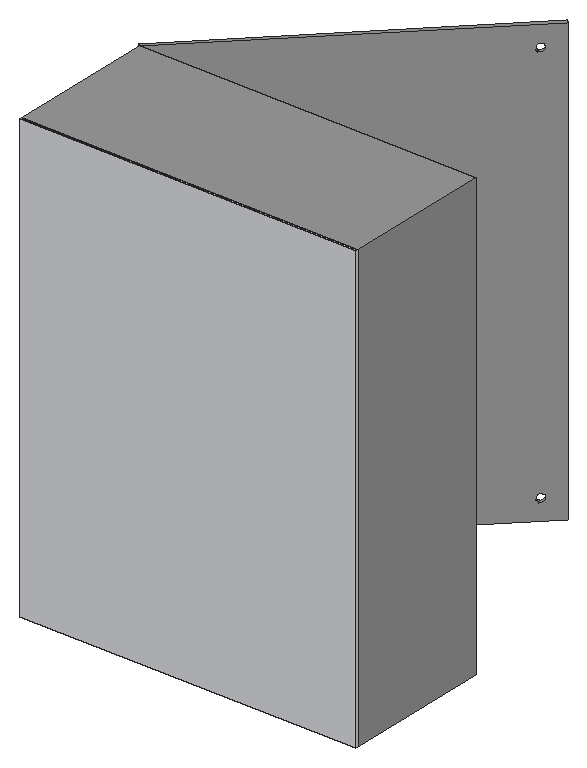
Revit family "Building-ContenitoriParete-GEWISS-46QP-QUADRI-POLIESTERE_PORTA_CIECA_IP66", category Attrezzatura elettrica, host Muro, Revit 2016
Family settings
  Host = Muro
  Configurazione quadro = Due colonne, circuiti in orizzontale
  Tipo di parte = Pannello comandi
  Quota connettore circolare = Usa diametro
  Numero OmniClass = 23.80.30.11.17
  Titolo OmniClass = Distribution Boards and Control Panels
  Sempre verticale = Sì
  Taglio con vuoti quando caricato = No
  Condiviso = No
  Punto di calcolo locali = Sì
Parameters (values of type "GW46007F - QUADRO QP POLIES.CIECO 800X1060X350 IP66")
  Voltaggio = no
  Voltage = 0 V
  Vista di pianta [instance] = yes
  Versione file RFA = "18.0"
  URL = "https://www.gewiss.com/it/it"
  Tipologia porta = "Porta cieca"
  Tipo Materiale = "Halogen free secondo norma EN 60754-2"
  Termopressione con biglia = "200 °C"
  Tensione nominale massima di impiego (Ue) = "690V"
  Tensione nominale di isolamento (Ui) = "1000 V"
  Tensione di isolamento: = "1000 V secondo EN 62208 sia in ac che in dc"
  Tensione di isolamento = "1000V"
  Temperatura di impiego = "-25 +60 °C"
  Struttura quadro = GEWISS - GRIGIO RAL 7035
  Staffe per fissaggio a parete = "GW46446-GW46451"
  Sportello visibile [instance] = yes
  Spessore quadro = 350 mm
  Simbolo [instance] = yes
  Scheda Tecnica = "https://www.gewiss.com/it/it/search?q=GW46007F"
  SEO = "Quadro"
  Resistenza agli urti = "IK10"
  Produttore = "GEWISS S.p.A."
  Potenza dissipabile B (W) = "226"
  Potenza dissipabile A (W) = "324"
  Potenza dissipabile (W) = "226"
  Pannelo = GEWISS - GRIGIO RAL 7035
  Offset etichetta nome quadro [instance] = 685.076 mm
  Numero di poli = 1
  Normativa = "EN 61439-1, EN 61439-2, EN62208, EN 60670-1, IEC 60670-24"
  N. serrature = "2"
  N. mod. EN 50022: = "180 (36x5)"
  N. mod. EN 50022 = "180 (36x5)"
  Modello = "GW46007F"
  Materiale = "Poliestere rinforzato con fibra di vetro"
  Larghezza quadro = 800 mm
  Kit per ripristino doppio isolamento = "GW46526"
  Immagine tipo = 46QP.JPG
  IFC.TypeObject = ""
  IFC.ExportType = ""
  IFC.ExportAs = ""
  IDT = "53d9a337-54a6-474b-b4cf-c18729555086"
  IDF = "33674a1b-6291-4de3-9bb4-21962e8131fa"
  H_quadro = 1060 mm
  H_da terra = 500 mm
  Grado di protezione = "IP66"
  Glow Wire Test = "960°C"
  GW - NOME QUADRO [instance] = "NOME QUADRO"
  GEWISS SCHEDA TECNICA = "http://pro.gewiss.com/irj/portal/?NavigationTarget=pcd:portal_content/com.gewiss.ZPPFDMain/com.gewiss.ZPPFDITMain/com.gewiss.ZPPFDITMainDefault/com.gewiss.ZPPFDITPages/com.gewiss.ZPPFDITPagesAP/com.gewiss.ZPPFDITPagesAPCatalogo/com.gewiss.ZPPPDITAPProductDetail&codProd=GW46007"
  Fast & Easy = "Si"
  Famiglia = "46 QP"
  Etichetta nome quadro [instance] = yes
  Distanza_fori = 100 mm
  Distanza orizzontale del simbolo [instance] = 1033.355 mm
  Distanza dal muro [instance] = 4.208 mm
  Dim. nominali BxHxP (mm) = "800x1060x350"
  Dim. funzionali BxHxP (mm) = "783x1066x350"
  Descrizione = "QUADRO QP POLIES.CIECO 800X1060X350 IP66"
  DETTAGLIO = DETTAGLIO 46QP : GW46007
  Creato da GEWISS S.p.A. = ""
  Cornice simbolo [instance] = yes
  Colore = "Grigio RAL 7035"
  Codice Electrocod = "0321"
  Codice EAN = "8011564854772"
  Classificazione carico = Other
  Classificazione = no
  Classe isolamento = "II"
  Catalogo Serie = "46 QP"
  Catalogo = "BUILDING"
  Carico apparente = no
  Carico Apparente = 0 VA
  Caratteristiche = "Resistenza UV (EN 62208)"
  COBie.Tagnumber = ""
  COBie.CreatedOn = ""
  COBie.CreatebBy = ""
  COBie.ComponentRegisterItemID = ""
  COBie.Component.TagNumber = ""
  COBie.Component.Space = ""
  COBie.Component.SerialNumber = ""
  COBie.Component.InstallationDate = ""
  COBie.Component.Description = ""
  COBie.Component.BarCode = ""
  Apertura quadro [instance] = 45.00°
  Angolo di apertura reale [instance] = if(Apertura quadro < 0.00°, 0.00°, if(Apertura quadro > 180.00°, 180.00°, Apertura quadro))  # 45.00°
Types (7, lengths in mm): name | Spessore quadro | Scheda Tecnica | Potenza dissipabile B (W) | Potenza dissipabile A (W) | Potenza dissipabile (W) | N. serrature | N. mod. EN 50022: | N. mod. EN 50022 | Modello | Larghezza quadro | IDT | H_quadro | GEWISS SCHEDA TECNICA | Dim. nominali BxHxP (mm) | Dim. funzionali BxHxP (mm) | Descrizione | DETTAGLIO | Codice EAN
  GW46001F - QUADRO QP POLIEST.CIECO 250x300X160 IP66 | 160 | "https://www.gewiss.com/it/it/search?q=GW46001F" | "-" | "34" | "" | "1" | "" | "" | "GW46001F" | 250 | "eb59cd50-d71f-4746-9baa-c5843203e264" | 300 | "http://pro.gewiss.com/irj/portal/?NavigationTarget=pcd:portal_content/com.gewiss.ZPPFDMain/com.gewiss.ZPPFDITMain/com.gewiss.ZPPFDITMainDefault/com.gewiss.ZPPFDITPages/com.gewiss.ZPPFDITPagesAP/com.gewiss.ZPPFDITPagesAPCatalogo/com.gewiss.ZPPPDITAPProductDetail&codProd=GW46001" | "250x300x160" | "253x303x160" | "QUADRO QP POLIEST.CIECO 250x300X160 IP66" | DETTAGLIO 46QP : GW46001 | "8011564854703"
  GW46002F - QUADRO QP POLIEST.CIECO 310X425X160 IP66 | 160 | "https://www.gewiss.com/it/it/search?q=GW46002F" | "39" | "48" | "39" | "2" | "36 (12x3)" | "36 (12x3)" | "GW46002F" | 310 | "9e9cc92d-30f1-48a9-966d-f3f66714c4aa" | 425 | "http://pro.gewiss.com/irj/portal/?NavigationTarget=pcd:portal_content/com.gewiss.ZPPFDMain/com.gewiss.ZPPFDITMain/com.gewiss.ZPPFDITMainDefault/com.gewiss.ZPPFDITPages/com.gewiss.ZPPFDITPagesAP/com.gewiss.ZPPFDITPagesAPCatalogo/com.gewiss.ZPPPDITAPProductDetail&codProd=GW46002" | "310x425x160" | "316x427x160" | "QUADRO QP POLIEST.CIECO 310X425X160 IP66" | DETTAGLIO 46QP : GW46002 | "8011564854710"
  GW46003F - QUADRO QP POLIEST.CIECO 405X500X200 IP66 | 200 | "https://www.gewiss.com/it/it/search?q=GW46003F" | "53" | "95" | "53" | "2" | "54 (18x3)" | "54 (18x3)" | "GW46003F" | 405 | "b3cd34d0-962c-4a1a-aad7-a35a8b9cae2b" | 500 | "http://pro.gewiss.com/irj/portal/?NavigationTarget=pcd:portal_content/com.gewiss.ZPPFDMain/com.gewiss.ZPPFDITMain/com.gewiss.ZPPFDITMainDefault/com.gewiss.ZPPFDITPages/com.gewiss.ZPPFDITPagesAP/com.gewiss.ZPPFDITPagesAPCatalogo/com.gewiss.ZPPPDITAPProductDetail&codProd=GW46003" | "405x500x200" | "409,5x502,5x200" | "QUADRO QP POLIEST.CIECO 405X500X200 IP66" | DETTAGLIO 46QP : GW46003 | "8011564854734"
  GW46004F - QUADRO QP POLIEST.CIECO 405X650X200 IP66 | 200 | "https://www.gewiss.com/it/it/search?q=GW46004F" | "81" | "118" | "81" | "2" | "72 (18x4)" | "72 (18x4)" | "GW46004F" | 405 | "dce305b6-c0eb-4fd2-9219-78cd0d47b93a" | 650 | "http://pro.gewiss.com/irj/portal/?NavigationTarget=pcd:portal_content/com.gewiss.ZPPFDMain/com.gewiss.ZPPFDITMain/com.gewiss.ZPPFDITMainDefault/com.gewiss.ZPPFDITPages/com.gewiss.ZPPFDITPagesAP/com.gewiss.ZPPFDITPagesAPCatalogo/com.gewiss.ZPPPDITAPProductDetail&codProd=GW46004" | "405x650x200" | "409,5x652,5x200" | "QUADRO QP POLIEST.CIECO 405X650X200 IP66" | DETTAGLIO 46QP : GW46004 | "8011564854741"
  GW46005F - QUADRO QP POLIEST.CIECO 515X650X250 IP66 | 250 | "https://www.gewiss.com/it/it/search?q=GW46005F" | "106" | "126" | "106" | "2" | "96 (24x4)" | "96 (24x4)" | "GW46005F" | 515 | "5fd6c8b3-4e4d-41cf-b8c8-687b2fb69738" | 650 | "http://pro.gewiss.com/irj/portal/?NavigationTarget=pcd:portal_content/com.gewiss.ZPPFDMain/com.gewiss.ZPPFDITMain/com.gewiss.ZPPFDITMainDefault/com.gewiss.ZPPFDITPages/com.gewiss.ZPPFDITPagesAP/com.gewiss.ZPPFDITPagesAPCatalogo/com.gewiss.ZPPPDITAPProductDetail&codProd=GW46005" | "515x650x250" | "518,5x653,5x250" | "QUADRO QP POLIEST.CIECO 515X650X250 IP66" | DETTAGLIO 46QP : GW46005 | "8011564854758"
  GW46007F - QUADRO QP POLIES.CIECO 800X1060X350 IP66 | 350 | "https://www.gewiss.com/it/it/search?q=GW46007F" | "226" | "324" | "226" | "2" | "180 (36x5)" | "180 (36x5)" | "GW46007F" | 800 | "53d9a337-54a6-474b-b4cf-c18729555086" | 1060 | "http://pro.gewiss.com/irj/portal/?NavigationTarget=pcd:portal_content/com.gewiss.ZPPFDMain/com.gewiss.ZPPFDITMain/com.gewiss.ZPPFDITMainDefault/com.gewiss.ZPPFDITPages/com.gewiss.ZPPFDITPagesAP/com.gewiss.ZPPFDITPagesAPCatalogo/com.gewiss.ZPPPDITAPProductDetail&codProd=GW46007" | "800x1060x350" | "783x1066x350" | "QUADRO QP POLIES.CIECO 800X1060X350 IP66" | DETTAGLIO 46QP : GW46007 | "8011564854772"
  GW46006F - QUADRO QP POLIEST.CIECO 585X800X300 IP66 | 300 | "https://www.gewiss.com/it/it/search?q=GW46006F" | "146" | "205" | "146" | "2" | "140 (28x5)" | "140 (28x5)" | "GW46006F" | 585 | "73654bea-6736-4a80-be35-ab20d2498804" | 800 | "http://pro.gewiss.com/irj/portal/?NavigationTarget=pcd:portal_content/com.gewiss.ZPPFDMain/com.gewiss.ZPPFDITMain/com.gewiss.ZPPFDITMainDefault/com.gewiss.ZPPFDITPages/com.gewiss.ZPPFDITPagesAP/com.gewiss.ZPPFDITPagesAPCatalogo/com.gewiss.ZPPPDITAPProductDetail&codProd=GW46006" | "585x800x300" | "591x804x300" | "QUADRO QP POLIEST.CIECO 585X800X300 IP66" | DETTAGLIO 46QP : GW46006 | "8011564854765"
Reference planes
  plane 1 "Muro": y = 0
  plane 2 "Centro (Sinistra/Destra)": x = 125
  plane 3 "Indietro": y = 75
  plane 4 "SX": x = 0
  plane 5 "DX": x = 800
  plane 6: y = 431
  plane 7 "Base quadro": z = 500
  plane 8: z = 1560
  plane 9: y = 81
  plane 10: x = 75
  plane 11: x = 725
  plane 12: z = 1510
  plane 13: z = 550
  plane 14: z = 1030
  plane 15: x = -1033.355
  plane 16: y = 760.076
  plane 17: x = 400
Forms (mm)
  Extrusion 1, solid, material "GEWISS - GRIGIO RAL 7035" <- "Struttura quadro"
    sketch origin (0, 0, 0) x (1, 0, 0) y (0, 0, 1)
      loop
        line (800, 1560) -> (0, 1560) -> (0, 500) -> (800, 500) -> (800, 1560)
      loop
        line (796, 1556) -> (4, 1556) -> (4, 504) -> (796, 504) -> (796, 1556)
    from -431 to -81
  Extrusion 2, solid
    sketch origin (0, 0, 0) x (1, 0, 0) y (0, 0, 1)
      loop
        line (800, 1560) -> (0, 1560) -> (0, 500) -> (800, 500) -> (800, 1560)
    from -81 to -75
Lines and regions (mm)
  Masking region 1, visible <- "Vista di pianta"
    outline origin (0, 431, 0) x (0.707107, 0.707107, 0) y (-0.707107, 0.707107, 0)
      loop
        line (313.955, -817.415) -> (565.685, -565.685) -> (0, 0) -> (-251.73, -251.73) -> (313.955, -817.415)
  Masking region 2
    outline origin (125, 0, 0) x (0, 1, 0) y (0, 0, 1)
      loop
        line (75, 500) -> (431, 500) -> (431, 1560) -> (75, 1560) -> (75, 500)
  reference lines
    curve 1: line (0, 431, 0) -> (282.843, 713.843, 0)
Text (mm)
  text "Lato posizionamento" at (-2540.362, 1733.729, 0), in view "Livello rif."
  text "Lato posizionamento" at (0, 1409.804, 2854.306), in view "Sinistra"
  text "Lato posizionamento" at (0, 499.811, 2980.732), in view "Destra"
Dimensions and locks
  locked: plane 3 "Indietro" to host wall
  "H_da terra": level to plane 7 "Base quadro"
  "H_quadro": plane 7 "Base quadro" to plane 8
  locked: Extrusion 1 sketch curve to Extrusion 1 sketch curve at 4  (x4)
  locked: plane 9 to host wall at 6
  "Spessore quadro": plane 6 to plane 9
  locked: plane 12 to plane 8 at 50
  locked: plane 7 "Base quadro" to plane 13 at 50
  equal spacing: plane 7 "Base quadro", plane 14, plane 8
  "Larghezza quadro": plane 4 "SX" to plane 5 "DX"
  locked: plane 5 "DX" to plane 11 at 75
  locked: plane 10 to plane 4 "SX" at 75
  "Distanza orizzontale del simbolo": plane 15 to plane 4 "SX"
  "Offset etichetta nome quadro": plane 16 to plane 3 "Indietro"
  "Apertura quadro": angle plane 6 to curve 1
  aligned and locked: plane 1 "Muro" to host wall
  aligned and locked: plane 8 to Extrusion 1 sketch curve
  aligned and locked: plane 5 "DX" to Extrusion 1 sketch curve
  aligned and locked: Extrusion 1 sketch curve to plane 7 "Base quadro"
  aligned and locked: Extrusion 1 sketch curve to plane 4 "SX"
  aligned and locked: plane 6 to Extrusion 1
  aligned and locked: Extrusion 1 to plane 9
  aligned and locked: plane 4 "SX" to Extrusion 2 sketch curve
  aligned and locked: plane 7 "Base quadro" to Extrusion 2 sketch curve
  aligned and locked: Extrusion 2 sketch curve to plane 5 "DX"
  aligned and locked: Extrusion 2 sketch curve to plane 8
  aligned and locked: plane 9 to Extrusion 2
  aligned and locked: Extrusion 2 to host wall
  aligned and locked: plane 6 to curve 1
  aligned and locked: plane 14 to nested 2
  aligned and locked: nested 2 to plane 5 "DX"
  aligned and locked: nested 3 to plane 16
  aligned and locked: nested 3 to plane 17
  aligned and locked: plane 15 to nested 4
  aligned and locked: Masking region 1 sketch curve to plane 6
  aligned and locked: Masking region 1 sketch curve to plane 3 "Indietro"
  aligned and locked: Masking region 1 sketch curve to plane 5 "DX"
  aligned and locked: plane 4 "SX" to Masking region 1 sketch curve
  aligned and locked: Masking region 2 sketch curve to Extrusion 2  (x2)
  aligned and locked: Masking region 2 sketch curve to Extrusion 1  (x2)
Automatic sketch dimensions
  curve 1 to plane 4 "SX" = 0 mm
Nested families
  nested 1: "GEWISS - Pannello cieco" at (88.388, 519.388, 0) x (0.7071, 0.7071, 0) z (0, 0, 1), visible <- "Sportello visibile", type "GEWISS - Pannello cieco"
    with Larghezza pannello 800 mm, H_pannello 1060 mm, H_da terra 500 mm
  nested 2: "DETTAGLIO 46QP" at (800, 0, 1030) x (-1, 0, 0) z (0, -1, 0), type <- "DETTAGLIO", type "GW46007"
  nested 3: "NOME QUADRO" at (400, 760.076, 0), TXT <- "GW - NOME QUADRO", visible <- "Etichetta nome quadro", type "NOME QUADRO"
    with TXT "NOME QUADRO"
  nested 4: "QUADRILAN" at (-1033.355, 75, 0), Distanza dal muro <- "Distanza dal muro", BORDO ACCESO <- "Cornice simbolo", SIMBOLO ACCESO <- "Simbolo", type "QUADRILAN"
    with SIMBOLO ACCESO yes, Distanza dal muro 4.208 mm, BORDO ACCESO yes
Connectors
  electrical at (400, 256, 1560), driven by "Numero di poli", driven by "Classificazione carico", driven by "Voltage", driven by "Carico Apparente"
    settings: on Extrusion 1, index 2, voltage 0 V, apparent load 0 VA, apparent load phase1 0 VA, apparent load phase2 0 VA, apparent load phase3 0 VA, power factor 1, load classification "Other", number of poles 1, system type 31, power factor state 1, is connector primary yes, connector utility no, sub classification motor no, connector description ""
  electrical at (400, 256, 1560)
    settings: on Extrusion 1, index 3, voltage 0 V, apparent load 0 VA, apparent load phase1 0 VA, apparent load phase2 0 VA, apparent load phase3 0 VA, power factor 1, load classification "Altro", number of poles 1, system type 31, power factor state 1, is connector primary no, connector utility no, sub classification motor no, connector description ""
Definition of nested family "GEWISS - Pannello cieco"
  Parameters (values of type "GEWISS - Pannello cieco")
    Default Elevation = 1219.2 mm
    Pannello = none
    Larghezza pannello = 250 mm
    H_pannello = 300 mm
    H_da terra = 90 mm
  Reference planes
    plane 1 "Centro (Fronte/Retro)": y = 0
    plane 2: z = 0
    plane 3 "Centro (Sinistra/Destra)": x = 0
    plane 4: x = -125
    plane 5: x = 125
    plane 6: y = 8
    plane 7: z = 390
    plane 8: z = 340
    plane 9: z = 140
    plane 10: x = 75
    plane 11: z = 90
  Forms (mm)
    Extrusion 1, solid, material <- "Pannello"
      sketch origin (0, 0, 0) x (1, 0, 0) y (0, 1, 0)
        loop
          line (-125, 8) -> (-125, 0) -> (125, 0) -> (125, 8) -> (-125, 8)
      from 90 to 390
    Extrusion 2, void
      sketch origin (0, 0, 0) x (1, 0, 0) y (0, 0, 1)
        loop
          circle (75, 340) r 10
        loop
          circle (75, 140) r 10
      from -8 to 0
  Cuts and joins
    Extrusion 2 cuts Extrusion 1
  Dimensions and locks
    locked: plane 1 "Centro (Fronte/Retro)" to plane 6 at 8
    locked: plane 7 to plane 8 at 50
    locked: plane 5 to plane 10 at 50
    locked: plane 9 to plane 11 at 50
    "H_pannello": plane 7 to plane 11
    "H_da terra": plane 11 to plane 2
    "Larghezza pannello": plane 4 to plane 5
    aligned and locked: level to plane 2
    aligned and locked: Extrusion 1 sketch curve to plane 6
    aligned and locked: plane 4 to Extrusion 1 sketch curve
    aligned and locked: Extrusion 1 sketch curve to plane 1 "Centro (Fronte/Retro)"
    aligned and locked: Extrusion 1 sketch curve to plane 5
    aligned and locked: plane 7 to Extrusion 1
    aligned and locked: plane 8 to Extrusion 2 sketch curve
    aligned and locked: plane 10 to Extrusion 2 sketch curve  (x2)
    aligned and locked: plane 9 to Extrusion 2 sketch curve
    aligned and locked: plane 6 to Extrusion 2
    aligned and locked: plane 1 "Centro (Fronte/Retro)" to Extrusion 2
    aligned and locked: cut or joined group of Extrusion 1, Extrusion 2 to plane 11
  Automatic sketch dimensions
    radius of Extrusion 2 sketch curve = 10 mm  (x2)
Definition of nested family "DETTAGLIO 46QP"
  Parameters (values of type "GW46006")
    GW46007 = no
    GW46006 = yes
    GW46005 = no
    GW46004 = no
    GW46003 = no
    GW46002 = no
    GW46001 = no
  Types (7, lengths in mm): name | GW46007 | GW46006 | GW46005 | GW46004 | GW46003 | GW46002 | GW46001
    GW46001 | no | no | no | no | no | no | yes
    GW46002 | no | no | no | no | no | yes | no
    GW46003 | no | no | no | no | yes | no | no
    GW46004 | no | no | no | yes | no | no | no
    GW46005 | no | no | yes | no | no | no | no
    GW46006 | no | yes | no | no | no | no | no
    GW46007 | yes | no | no | no | no | no | no
  Reference planes
    plane 1 "Centro (Fronte/Retro)": y = 0
    plane 2: z = 0
    plane 3 "Centro (Sinistra/Destra)": x = 0
  Lines and regions (mm)
    detail lines, in view "Livello rif.", visible <- "GW46003"
      curve 1: line (405, -239.674, 0) -> (0, -239.674, 0)
      curve 2: line (0, -239.674, 0) -> (0, 239.674, 0)
      curve 3: line (0, 239.674, 0) -> (405, 239.674, 0)
      curve 4: line (405, 239.674, 0) -> (405, -239.674, 0)
      curve 5: line (405, 239.674, 0) -> (404.624, 243.242, 0)
      curve 6: line (404.624, 243.242, 0) -> (402.745, 246.717, 0)
      curve 7: line (402.745, 246.717, 0) -> (400.221, 248.791, 0)
      curve 8: line (400.221, 248.791, 0) -> (395.613, 250, 0)
      curve 9: line (395.613, 250, 0) -> (9.387, 250, 0)
      curve 10: line (9.387, 250, 0) -> (5.88, 249.32, 0)
      curve 11: line (5.88, 249.32, 0) -> (2.402, 246.884, 0)
      curve 12: line (2.402, 246.884, 0) -> (0.356, 243.173, 0)
      curve 13: line (0.356, 243.173, 0) -> (0, 239.674, 0)
      curve 14: line (0, -239.674, 0) -> (0.461, -243.518, 0)
      curve 15: line (0.461, -243.518, 0) -> (2.444, -246.931, 0)
      curve 16: line (2.444, -246.931, 0) -> (5.642, -249.221, 0)
      curve 17: line (5.642, -249.221, 0) -> (9.387, -250, 0)
      curve 18: line (9.387, -250, 0) -> (395.613, -250, 0)
      curve 19: line (395.613, -250, 0) -> (399.412, -249.197, 0)
      curve 20: line (399.412, -249.197, 0) -> (402.688, -246.782, 0)
      curve 21: line (402.688, -246.782, 0) -> (404.672, -243.071, 0)
      curve 22: line (404.672, -243.071, 0) -> (405, -239.674, 0)
      curve 45: line (202.5, 350, 0) -> (202.5, -307.203, 0)
      curve 46: line (0, 0, 0) -> (405, 0, 0)
    detail lines, in view "Livello rif.", visible <- "GW46003", not visible
      curve 23: line (1591.528, 478.314, 0) -> (1186.528, 478.314, 0)
      curve 24: line (1186.528, 478.314, 0) -> (1186.528, 957.662, 0)
      curve 25: line (1186.528, 957.662, 0) -> (1591.528, 957.662, 0)
      curve 26: line (1591.528, 957.662, 0) -> (1591.528, 478.314, 0)
      curve 27: line (1591.528, 957.662, 0) -> (1591.152, 961.23, 0)
      curve 28: line (1591.152, 961.23, 0) -> (1589.272, 964.705, 0)
      curve 29: line (1589.272, 964.705, 0) -> (1586.748, 966.78, 0)
      curve 30: line (1586.748, 966.78, 0) -> (1582.14, 967.988, 0)
      curve 31: line (1582.14, 967.988, 0) -> (1195.915, 967.988, 0)
      curve 32: line (1195.915, 967.988, 0) -> (1192.408, 967.309, 0)
      curve 33: line (1192.408, 967.309, 0) -> (1188.929, 964.872, 0)
      curve 34: line (1188.929, 964.872, 0) -> (1186.883, 961.161, 0)
      curve 35: line (1186.883, 961.161, 0) -> (1186.528, 957.662, 0)
      curve 36: line (1186.528, 478.314, 0) -> (1186.988, 474.471, 0)
      curve 37: line (1186.988, 474.471, 0) -> (1188.972, 471.058, 0)
      curve 38: line (1188.972, 471.058, 0) -> (1192.17, 468.768, 0)
      curve 39: line (1192.17, 468.768, 0) -> (1195.915, 467.988, 0)
      curve 40: line (1195.915, 467.988, 0) -> (1582.14, 467.988, 0)
      curve 41: line (1582.14, 467.988, 0) -> (1585.94, 468.792, 0)
      curve 42: line (1585.94, 468.792, 0) -> (1589.216, 471.207, 0)
      curve 43: line (1589.216, 471.207, 0) -> (1591.2, 474.917, 0)
      curve 44: line (1591.2, 474.917, 0) -> (1591.528, 478.314, 0)
      curve 47: line (1389.028, 1067.988, 0) -> (1389.028, 410.786, 0)
      curve 48: line (1186.528, 717.988, 0) -> (1591.528, 717.988, 0)
    detail lines, in view "Livello rif.", visible <- "GW46002"
      curve 49: line (313, -201.674, 0) -> (0, -201.674, 0)
      curve 50: line (0, -201.674, 0) -> (0, 201.674, 0)
      curve 51: line (0, 201.674, 0) -> (313, 201.674, 0)
      curve 52: line (313, 201.674, 0) -> (313, -201.674, 0)
      curve 53: line (313, -201.674, 0) -> (312.445, -205.793, 0)
      curve 54: line (312.445, -205.793, 0) -> (310.251, -209.251, 0)
      curve 55: line (310.251, -209.251, 0) -> (307.455, -211.178, 0)
      curve 56: line (307.455, -211.178, 0) -> (303.613, -212, 0)
      curve 57: line (303.613, -212, 0) -> (9.387, -212, 0)
      curve 58: line (313, 201.674, 0) -> (312.498, 205.7, 0)
      curve 59: line (312.498, 205.7, 0) -> (310.581, 208.905, 0)
      curve 60: line (310.581, 208.905, 0) -> (307.644, 211.084, 0)
      curve 61: line (307.644, 211.084, 0) -> (303.613, 212, 0)
      curve 62: line (303.613, 212, 0) -> (9.387, 212, 0)
      curve 63: line (9.387, 212, 0) -> (5.579, 211.187, 0)
      curve 64: line (5.579, 211.187, 0) -> (2.419, 208.905, 0)
      curve 65: line (2.419, 208.905, 0) -> (0.553, 205.839, 0)
      curve 66: line (0.553, 205.839, 0) -> (0, 201.674, 0)
      curve 67: line (0, -201.674, 0) -> (0.586, -205.878, 0)
      curve 68: line (0.586, -205.878, 0) -> (2.749, -209.251, 0)
      curve 69: line (2.749, -209.251, 0) -> (6.045, -211.385, 0)
      curve 70: line (6.045, -211.385, 0) -> (9.387, -212, 0)
      curve 71: line (156.5, -344.173, 0) -> (156.5, 320.161, 0)
      curve 72: line (391.505, 0, 0) -> (-120, 0, 0)
    detail lines, in view "Livello rif.", visible <- "GW46002", not visible
      curve 73: line (895.66, 222.589, 0) -> (582.66, 222.589, 0)
      curve 74: line (582.66, 222.589, 0) -> (582.66, 625.937, 0)
      curve 75: line (582.66, 625.937, 0) -> (895.66, 625.937, 0)
      curve 76: line (895.66, 625.937, 0) -> (895.66, 222.589, 0)
      curve 77: line (895.66, 222.589, 0) -> (895.105, 218.47, 0)
      curve 78: line (895.105, 218.47, 0) -> (892.911, 215.013, 0)
      curve 79: line (892.911, 215.013, 0) -> (890.115, 213.085, 0)
      curve 80: line (890.115, 213.085, 0) -> (886.273, 212.263, 0)
      curve 81: line (886.273, 212.263, 0) -> (592.048, 212.263, 0)
      curve 82: line (895.66, 625.937, 0) -> (895.159, 629.963, 0)
      curve 83: line (895.159, 629.963, 0) -> (893.241, 633.168, 0)
      curve 84: line (893.241, 633.168, 0) -> (890.305, 635.347, 0)
      curve 85: line (890.305, 635.347, 0) -> (886.273, 636.263, 0)
      curve 86: line (886.273, 636.263, 0) -> (592.048, 636.263, 0)
      curve 87: line (592.048, 636.263, 0) -> (588.24, 635.45, 0)
      curve 88: line (588.24, 635.45, 0) -> (585.079, 633.168, 0)
      curve 89: line (585.079, 633.168, 0) -> (583.213, 630.102, 0)
      curve 90: line (583.213, 630.102, 0) -> (582.66, 625.937, 0)
      curve 91: line (582.66, 222.589, 0) -> (583.246, 218.386, 0)
      curve 92: line (583.246, 218.386, 0) -> (585.41, 215.013, 0)
      curve 93: line (585.41, 215.013, 0) -> (588.705, 212.878, 0)
      curve 94: line (588.705, 212.878, 0) -> (592.048, 212.263, 0)
      curve 95: line (739.16, 80.09, 0) -> (739.16, 744.424, 0)
      curve 96: line (974.165, 424.263, 0) -> (462.66, 424.263, 0)
    detail lines, in view "Livello rif.", visible <- "GW46004"
      curve 97: line (0, 315.143, 0) -> (0.43, 318.891, 0)
      curve 98: line (0.43, 318.891, 0) -> (2.223, 322.148, 0)
      curve 99: line (2.223, 322.148, 0) -> (5.127, 324.447, 0)
      curve 100: line (5.127, 324.447, 0) -> (9.387, 325.469, 0)
      curve 101: line (9.387, 325.469, 0) -> (395.613, 325.469, 0)
      curve 102: line (395.613, 325.469, 0) -> (399.873, 324.447, 0)
      curve 103: line (399.873, 324.447, 0) -> (402.777, 322.148, 0)
      curve 104: line (402.777, 322.148, 0) -> (404.57, 318.891, 0)
      curve 105: line (404.57, 318.891, 0) -> (405, 315.143, 0)
      curve 106: line (0, -315.143, 0) -> (0, 315.143, 0)
      curve 107: line (0, 315.143, 0) -> (405, 315.143, 0)
      curve 108: line (405, 315.143, 0) -> (405, -314.205, 0)
      curve 109: line (9.387, -324.531, 0) -> (395.613, -324.531, 0)
      curve 110: line (395.613, -324.531, 0) -> (399.392, -323.736, 0)
      curve 111: line (399.392, -323.736, 0) -> (402.413, -321.614, 0)
      curve 112: line (402.413, -321.614, 0) -> (404.332, -318.622, 0)
      curve 113: line (404.332, -318.622, 0) -> (405, -314.205, 0)
      curve 114: line (405, -314.205, 0) -> (0, -314.205, 0)
      curve 115: line (0, -314.205, 0) -> (0.534, -318.263, 0)
      curve 116: line (0.534, -318.263, 0) -> (2.237, -321.226, 0)
      curve 117: line (2.237, -321.226, 0) -> (5.939, -323.874, 0)
      curve 118: line (5.939, -323.874, 0) -> (9.387, -324.531, 0)
      curve 119: line (202.5, -416.799, 0) -> (202.5, 503.736, 0)
      curve 120: line (-143.457, 0, 0) -> (550.238, 0, 0)
    detail lines, in view "Livello rif.", visible <- "GW46004", not visible
      curve 121: line (1494.939, 33.996, 0) -> (1495.369, 37.744, 0)
      curve 122: line (1495.369, 37.744, 0) -> (1497.162, 41.001, 0)
      curve 123: line (1497.162, 41.001, 0) -> (1500.066, 43.3, 0)
      curve 124: line (1500.066, 43.3, 0) -> (1504.326, 44.322, 0)
      curve 125: line (1504.326, 44.322, 0) -> (1890.552, 44.322, 0)
      curve 126: line (1890.552, 44.322, 0) -> (1894.812, 43.3, 0)
      curve 127: line (1894.812, 43.3, 0) -> (1897.716, 41.001, 0)
      curve 128: line (1897.716, 41.001, 0) -> (1899.509, 37.744, 0)
      curve 129: line (1899.509, 37.744, 0) -> (1899.939, 33.996, 0)
      curve 130: line (1494.939, -596.29, 0) -> (1494.939, 33.996, 0)
      curve 131: line (1494.939, 33.996, 0) -> (1899.939, 33.996, 0)
      curve 132: line (1899.939, 33.996, 0) -> (1899.939, -595.351, 0)
      curve 133: line (1504.326, -605.678, 0) -> (1890.552, -605.678, 0)
      curve 134: line (1890.552, -605.678, 0) -> (1894.331, -604.883, 0)
      curve 135: line (1894.331, -604.883, 0) -> (1897.353, -602.761, 0)
      curve 136: line (1897.353, -602.761, 0) -> (1899.271, -599.769, 0)
      curve 137: line (1899.271, -599.769, 0) -> (1899.939, -595.351, 0)
      curve 138: line (1899.939, -595.351, 0) -> (1494.939, -595.351, 0)
      curve 139: line (1494.939, -595.351, 0) -> (1495.473, -599.41, 0)
      curve 140: line (1495.473, -599.41, 0) -> (1497.176, -602.373, 0)
      curve 141: line (1497.176, -602.373, 0) -> (1500.878, -605.021, 0)
      curve 142: line (1500.878, -605.021, 0) -> (1504.326, -605.678, 0)
      curve 143: line (1697.439, -697.945, 0) -> (1697.439, 222.589, 0)
      curve 144: line (1351.482, -281.147, 0) -> (2045.177, -281.147, 0)
    detail lines, in view "Livello rif.", visible <- "GW46001"
      curve 145: line (250, 140, 0) -> (249.243, 143.816, 0)
      curve 146: line (249.243, 143.816, 0) -> (247.071, 147.071, 0)
      curve 147: line (247.071, 147.071, 0) -> (243.862, 149.224, 0)
      curve 148: line (243.862, 149.224, 0) -> (240, 150, 0)
      curve 149: line (240, 150, 0) -> (10, 150, 0)
      curve 150: line (10, 150, 0) -> (6.49, 149.364, 0)
      curve 151: line (6.49, 149.364, 0) -> (2.929, 147.071, 0)
      curve 152: line (2.929, 147.071, 0) -> (0.827, 143.982, 0)
      curve 153: line (0.827, 143.982, 0) -> (0, 140, 0)
      curve 154: line (0, -140, 0) -> (0.818, -143.961, 0)
      curve 155: line (0.818, -143.961, 0) -> (2.929, -147.071, 0)
      curve 156: line (2.929, -147.071, 0) -> (6.192, -149.246, 0)
      curve 157: line (6.192, -149.246, 0) -> (10, -150, 0)
      curve 158: line (10, -150, 0) -> (240, -150, 0)
      curve 159: line (240, -150, 0) -> (244.202, -149.075, 0)
      curve 160: line (244.202, -149.075, 0) -> (247.071, -147.071, 0)
      curve 161: line (247.071, -147.071, 0) -> (249.073, -144.205, 0)
      curve 162: line (249.073, -144.205, 0) -> (250, -140, 0)
      curve 163: line (250, -140, 0) -> (250, 140, 0)
      curve 164: line (250, 140, 0) -> (0, 140, 0)
      curve 165: line (0, 140, 0) -> (0, -140, 0)
      curve 166: line (0, -140, 0) -> (250, -140, 0)
      curve 167: line (125, -197.42, 0) -> (125, 200.855, 0)
      curve 168: line (-29.079, 0, 0) -> (300, 0, 0)
    detail lines, in view "Livello rif.", visible <- "GW46001", not visible
      curve 169: line (467.631, -26.859, 0) -> (466.875, -23.043, 0)
      curve 170: line (466.875, -23.043, 0) -> (464.702, -19.788, 0)
      curve 171: line (464.702, -19.788, 0) -> (461.493, -17.635, 0)
      curve 172: line (461.493, -17.635, 0) -> (457.631, -16.859, 0)
      curve 173: line (457.631, -16.859, 0) -> (227.631, -16.859, 0)
      curve 174: line (227.631, -16.859, 0) -> (224.121, -17.495, 0)
      curve 175: line (224.121, -17.495, 0) -> (220.56, -19.788, 0)
      curve 176: line (220.56, -19.788, 0) -> (218.458, -22.877, 0)
      curve 177: line (218.458, -22.877, 0) -> (217.631, -26.859, 0)
      curve 178: line (217.631, -306.859, 0) -> (218.449, -310.82, 0)
      curve 179: line (218.449, -310.82, 0) -> (220.56, -313.93, 0)
      curve 180: line (220.56, -313.93, 0) -> (223.823, -316.105, 0)
      curve 181: line (223.823, -316.105, 0) -> (227.631, -316.859, 0)
      curve 182: line (227.631, -316.859, 0) -> (457.631, -316.859, 0)
      curve 183: line (457.631, -316.859, 0) -> (461.833, -315.934, 0)
      curve 184: line (461.833, -315.934, 0) -> (464.702, -313.93, 0)
      curve 185: line (464.702, -313.93, 0) -> (466.704, -311.064, 0)
      curve 186: line (466.704, -311.064, 0) -> (467.631, -306.859, 0)
      curve 187: line (467.631, -306.859, 0) -> (467.631, -26.859, 0)
      curve 188: line (467.631, -26.859, 0) -> (217.631, -26.859, 0)
      curve 189: line (217.631, -26.859, 0) -> (217.631, -306.859, 0)
      curve 190: line (217.631, -306.859, 0) -> (467.631, -306.859, 0)
      curve 191: line (342.631, -364.279, 0) -> (342.631, 33.996, 0)
      curve 192: line (188.552, -166.859, 0) -> (517.631, -166.859, 0)
    detail lines, in view "Livello rif.", visible <- "GW46005"
      curve 193: line (0, 314.674, 0) -> (0.39, 318.289, 0)
      curve 194: line (0.39, 318.289, 0) -> (2.251, 321.711, 0)
      curve 195: line (2.251, 321.711, 0) -> (5.228, 324.028, 0)
      curve 196: line (5.228, 324.028, 0) -> (9.387, 325, 0)
      curve 197: line (9.387, 325, 0) -> (505.613, 325, 0)
      curve 198: line (505.613, 325, 0) -> (509.772, 324.028, 0)
      curve 199: line (509.772, 324.028, 0) -> (512.749, 321.711, 0)
      curve 200: line (512.749, 321.711, 0) -> (514.61, 318.289, 0)
      curve 201: line (514.61, 318.289, 0) -> (515, 314.674, 0)
      curve 202: line (515, -314.674, 0) -> (515, 314.674, 0)
      curve 203: line (515, 314.674, 0) -> (0, 314.674, 0)
      curve 204: line (0, 314.674, 0) -> (0, -314.674, 0)
      curve 205: line (0, -314.674, 0) -> (0.559, -318.803, 0)
      curve 206: line (0.559, -318.803, 0) -> (2.258, -321.719, 0)
      curve 207: line (2.258, -321.719, 0) -> (5.55, -324.18, 0)
      curve 208: line (5.55, -324.18, 0) -> (9.387, -325, 0)
      curve 209: line (9.387, -325, 0) -> (505.613, -325, 0)
      curve 210: line (505.613, -325, 0) -> (509.471, -324.17, 0)
      curve 211: line (509.471, -324.17, 0) -> (512.762, -321.697, 0)
      curve 212: line (512.762, -321.697, 0) -> (514.631, -318.217, 0)
      curve 213: line (514.631, -318.217, 0) -> (515, -314.674, 0)
      curve 214: line (515, -314.674, 0) -> (0, -314.674, 0)
      curve 215: line (257.5, -385.326, 0) -> (257.5, 414.674, 0)
      curve 216: line (-47.835, 0, 0) -> (547.218, 0, 0)
    detail lines, in view "Livello rif.", visible <- "GW46005", detail levels medium+fine
      curve 217: circle (472.286, -208.522, 0) r 15.912 normal (0, 0, 1)
      curve 218: circle (472.286, -208.522, 0) r 7.751 normal (0, 0, 1)
      curve 219: circle (472.286, 231.478, 0) r 15.912 normal (0, 0, 1)
      curve 220: circle (472.286, 231.478, 0) r 7.751 normal (0, 0, 1)
    detail lines, in view "Livello rif.", visible <- "GW46005", not visible
      curve 221: line (701.954, -652.586, 0) -> (702.344, -648.971, 0)
      curve 222: line (702.344, -648.971, 0) -> (704.205, -645.549, 0)
      curve 223: line (704.205, -645.549, 0) -> (707.183, -643.232, 0)
      curve 224: line (707.183, -643.232, 0) -> (711.342, -642.26, 0)
      curve 225: line (711.342, -642.26, 0) -> (1207.567, -642.26, 0)
      curve 226: line (1207.567, -642.26, 0) -> (1211.726, -643.232, 0)
      curve 227: line (1211.726, -643.232, 0) -> (1214.704, -645.549, 0)
      curve 228: line (1214.704, -645.549, 0) -> (1216.565, -648.971, 0)
      curve 229: line (1216.565, -648.971, 0) -> (1216.954, -652.586, 0)
      curve 230: line (1216.954, -1281.934, 0) -> (1216.954, -652.586, 0)
      curve 231: line (1216.954, -652.586, 0) -> (701.954, -652.586, 0)
      curve 232: line (701.954, -652.586, 0) -> (701.954, -1281.934, 0)
      curve 233: line (701.954, -1281.934, 0) -> (702.513, -1286.064, 0)
      curve 234: line (702.513, -1286.064, 0) -> (704.212, -1288.979, 0)
      curve 235: line (704.212, -1288.979, 0) -> (707.504, -1291.44, 0)
      curve 236: line (707.504, -1291.44, 0) -> (711.342, -1292.26, 0)
      curve 237: line (711.342, -1292.26, 0) -> (1207.567, -1292.26, 0)
      curve 238: line (1207.567, -1292.26, 0) -> (1211.425, -1291.431, 0)
      curve 239: line (1211.425, -1291.431, 0) -> (1214.716, -1288.957, 0)
      curve 240: line (1214.716, -1288.957, 0) -> (1216.586, -1285.477, 0)
      curve 241: line (1216.586, -1285.477, 0) -> (1216.954, -1281.934, 0)
      curve 242: line (1216.954, -1281.934, 0) -> (701.954, -1281.934, 0)
      curve 243: line (959.454, -1352.586, 0) -> (959.454, -552.586, 0)
      curve 244: line (654.119, -967.26, 0) -> (1249.173, -967.26, 0)
    detail lines, in view "Livello rif.", visible <- "GW46005", not visible, detail levels medium+fine
      curve 245: circle (1174.241, -1175.782, 0) r 15.912 normal (0, 0, 1)
      curve 246: circle (1174.241, -1175.782, 0) r 7.751 normal (0, 0, 1)
      curve 247: circle (1174.241, -735.782, 0) r 15.912 normal (0, 0, 1)
      curve 248: circle (1174.241, -735.782, 0) r 7.751 normal (0, 0, 1)
    detail lines, in view "Livello rif.", visible <- "GW46007"
      curve 249: line (0, 519.674, 0) -> (0.169, 523.153, 0)
      curve 250: line (0.169, 523.153, 0) -> (1.413, 526.626, 0)
      curve 251: line (1.413, 526.626, 0) -> (3.998, 528.958, 0)
      curve 252: line (3.998, 528.958, 0) -> (7.387, 530, 0)
      curve 253: line (7.387, 530, 0) -> (790.613, 530, 0)
      curve 254: line (790.613, 530, 0) -> (794.651, 529.087, 0)
      curve 255: line (794.651, 529.087, 0) -> (797.672, 526.8, 0)
      curve 256: line (797.672, 526.8, 0) -> (799.618, 523.264, 0)
      curve 257: line (799.618, 523.264, 0) -> (800, 519.674, 0)
      curve 258: line (800, -519.674, 0) -> (800, 519.674, 0)
      curve 259: line (800, 519.674, 0) -> (0, 519.674, 0)
      curve 260: line (0, 519.674, 0) -> (0, -519.674, 0)
      curve 261: line (0, -519.674, 0) -> (0.446, -523.472, 0)
      curve 262: line (0.446, -523.472, 0) -> (2.749, -527.251, 0)
      curve 263: line (2.749, -527.251, 0) -> (6.079, -529.398, 0)
      curve 264: line (6.079, -529.398, 0) -> (9.387, -530, 0)
      curve 265: line (9.387, -530, 0) -> (790.613, -530, 0)
      curve 266: line (790.613, -530, 0) -> (794.335, -529.231, 0)
      curve 267: line (794.335, -529.231, 0) -> (797.251, -527.251, 0)
      curve 268: line (797.251, -527.251, 0) -> (799.364, -524.01, 0)
      curve 269: line (799.364, -524.01, 0) -> (800, -519.674, 0)
      curve 270: line (800, -519.674, 0) -> (0, -519.674, 0)
      curve 275: line (399, 650.408, 0) -> (399, -580.704, 0)
      curve 276: line (-61.024, 0, 0) -> (876.265, 0, 0)
    detail lines, in view "Livello rif.", visible <- "GW46007", detail levels medium+fine
      curve 271: circle (748.001, 353.957, 0) r 15.912 normal (0, 0, 1)
      curve 272: circle (748.001, 353.957, 0) r 7.751 normal (0, 0, 1)
      curve 273: circle (748.001, -331.532, 0) r 15.912 normal (0, 0, 1)
      curve 274: circle (748.001, -331.532, 0) r 7.751 normal (0, 0, 1)
    detail lines, in view "Livello rif.", visible <- "GW46007", not visible
      curve 277: line (-1184.539, 1252.349, 0) -> (-1184.371, 1255.828, 0)
      curve 278: line (-1184.371, 1255.828, 0) -> (-1183.126, 1259.3, 0)
      curve 279: line (-1183.126, 1259.3, 0) -> (-1180.542, 1261.632, 0)
      curve 280: line (-1180.542, 1261.632, 0) -> (-1177.152, 1262.675, 0)
      curve 281: line (-1177.152, 1262.675, 0) -> (-393.927, 1262.675, 0)
      curve 282: line (-393.927, 1262.675, 0) -> (-389.888, 1261.762, 0)
      curve 283: line (-389.888, 1261.762, 0) -> (-386.868, 1259.475, 0)
      curve 284: line (-386.868, 1259.475, 0) -> (-384.922, 1255.939, 0)
      curve 285: line (-384.922, 1255.939, 0) -> (-384.539, 1252.349, 0)
      curve 286: line (-384.539, 213.001, 0) -> (-384.539, 1252.349, 0)
      curve 287: line (-384.539, 1252.349, 0) -> (-1184.539, 1252.349, 0)
      curve 288: line (-1184.539, 1252.349, 0) -> (-1184.539, 213.001, 0)
      curve 289: line (-1184.539, 213.001, 0) -> (-1184.094, 209.203, 0)
      curve 290: line (-1184.094, 209.203, 0) -> (-1181.79, 205.424, 0)
      curve 291: line (-1181.79, 205.424, 0) -> (-1178.461, 203.277, 0)
      curve 292: line (-1178.461, 203.277, 0) -> (-1175.152, 202.675, 0)
      curve 293: line (-1175.152, 202.675, 0) -> (-393.927, 202.675, 0)
      curve 294: line (-393.927, 202.675, 0) -> (-390.205, 203.444, 0)
      curve 295: line (-390.205, 203.444, 0) -> (-387.289, 205.424, 0)
      curve 296: line (-387.289, 205.424, 0) -> (-385.176, 208.665, 0)
      curve 297: line (-385.176, 208.665, 0) -> (-384.539, 213.001, 0)
      curve 298: line (-384.539, 213.001, 0) -> (-1184.539, 213.001, 0)
      curve 303: line (-785.539, 1383.083, 0) -> (-785.539, 151.971, 0)
      curve 304: line (-1245.564, 732.675, 0) -> (-308.275, 732.675, 0)
    detail lines, in view "Livello rif.", visible <- "GW46007", not visible, detail levels medium+fine
      curve 299: circle (-436.538, 1086.632, 0) r 15.912 normal (0, 0, 1)
      curve 300: circle (-436.538, 1086.632, 0) r 7.751 normal (0, 0, 1)
      curve 301: circle (-436.538, 401.143, 0) r 15.912 normal (0, 0, 1)
      curve 302: circle (-436.538, 401.143, 0) r 7.751 normal (0, 0, 1)
    detail lines, in view "Livello rif.", visible <- "GW46006"
      curve 305: line (9.387, -400, 0) -> (6.048, -399.386, 0)
      curve 306: line (6.048, -399.386, 0) -> (2.749, -397.251, 0)
      curve 307: line (2.749, -397.251, 0) -> (0.55, -393.778, 0)
      curve 308: line (0.55, -393.778, 0) -> (0, -389.674, 0)
      curve 309: line (0, -389.674, 0) -> (0, 389.674, 0)
      curve 310: line (0, 389.674, 0) -> (585, 389.674, 0)
      curve 311: line (585, 389.674, 0) -> (585, -389.674, 0)
      curve 312: line (585, -389.674, 0) -> (584.363, -394.011, 0)
      curve 313: line (584.363, -394.011, 0) -> (582.251, -397.251, 0)
      curve 314: line (582.251, -397.251, 0) -> (579.2, -399.288, 0)
      curve 315: line (579.2, -399.288, 0) -> (575.613, -400, 0)
      curve 316: line (575.613, -400, 0) -> (9.387, -400, 0)
      curve 317: line (585, -389.674, 0) -> (0, -389.674, 0)
      curve 318: line (0, 389.674, 0) -> (0.258, 393.694, 0)
      curve 319: line (0.258, 393.694, 0) -> (1.638, 396.924, 0)
      curve 320: line (1.638, 396.924, 0) -> (4.086, 399.008, 0)
      curve 321: line (4.086, 399.008, 0) -> (7.387, 400, 0)
      curve 322: line (7.387, 400, 0) -> (575.613, 400, 0)
      curve 323: line (575.613, 400, 0) -> (579.464, 399.173, 0)
      curve 324: line (579.464, 399.173, 0) -> (582.65, 396.825, 0)
      curve 325: line (582.65, 396.825, 0) -> (584.613, 393.279, 0)
      curve 326: line (584.613, 393.279, 0) -> (585, 389.674, 0)
    detail lines, in view "Livello rif.", visible <- "GW46006", detail levels medium+fine
      curve 327: circle (538.416, 243, 0) r 15.912 normal (0, 0, 1)
      curve 328: circle (538.416, 243, 0) r 7.751 normal (0, 0, 1)
      curve 329: circle (538.416, -277, 0) r 15.912 normal (0, 0, 1)
      curve 330: circle (538.416, -277, 0) r 7.751 normal (0, 0, 1)
    detail lines, in view "Livello rif.", visible <- "GW46006", not visible
      curve 331: line (-906.103, -1022.133, 0) -> (-909.442, -1021.519, 0)
      curve 332: line (-909.442, -1021.519, 0) -> (-912.741, -1019.384, 0)
      curve 333: line (-912.741, -1019.384, 0) -> (-914.941, -1015.911, 0)
      curve 334: line (-914.941, -1015.911, 0) -> (-915.491, -1011.807, 0)
      curve 335: line (-915.491, -1011.807, 0) -> (-915.491, -232.459, 0)
      curve 336: line (-915.491, -232.459, 0) -> (-330.491, -232.459, 0)
      curve 337: line (-330.491, -232.459, 0) -> (-330.491, -1011.807, 0)
      curve 338: line (-330.491, -1011.807, 0) -> (-331.127, -1016.144, 0)
      curve 339: line (-331.127, -1016.144, 0) -> (-333.24, -1019.384, 0)
      curve 340: line (-333.24, -1019.384, 0) -> (-336.291, -1021.421, 0)
      curve 341: line (-336.291, -1021.421, 0) -> (-339.878, -1022.133, 0)
      curve 342: line (-339.878, -1022.133, 0) -> (-906.103, -1022.133, 0)
      curve 343: line (-330.491, -1011.807, 0) -> (-915.491, -1011.807, 0)
      curve 344: line (-915.491, -232.459, 0) -> (-915.233, -228.44, 0)
      curve 345: line (-915.233, -228.44, 0) -> (-913.853, -225.209, 0)
      curve 346: line (-913.853, -225.209, 0) -> (-911.404, -223.126, 0)
      curve 347: line (-911.404, -223.126, 0) -> (-908.103, -222.133, 0)
      curve 348: line (-908.103, -222.133, 0) -> (-339.878, -222.133, 0)
      curve 349: line (-339.878, -222.133, 0) -> (-336.026, -222.96, 0)
      curve 350: line (-336.026, -222.96, 0) -> (-332.84, -225.308, 0)
      curve 351: line (-332.84, -225.308, 0) -> (-330.877, -228.854, 0)
      curve 352: line (-330.877, -228.854, 0) -> (-330.491, -232.459, 0)
    detail lines, in view "Livello rif.", visible <- "GW46006", not visible, detail levels medium+fine
      curve 353: circle (-377.074, -379.134, 0) r 15.912 normal (0, 0, 1)
      curve 354: circle (-377.074, -379.134, 0) r 7.751 normal (0, 0, 1)
      curve 355: circle (-377.074, -899.134, 0) r 15.912 normal (0, 0, 1)
      curve 356: circle (-377.074, -899.134, 0) r 7.751 normal (0, 0, 1)
    detail lines, in view "Livello rif.", visible <- "GW46001", detail levels medium+fine
      curve 357: circle (215.528, -0.458, 0) r 15.912 normal (0, 0, 1)
      curve 358: circle (215.528, -0.458, 0) r 7.751 normal (0, 0, 1)
    detail lines, in view "Livello rif.", visible <- "GW46001", not visible, detail levels medium+fine
      curve 359: circle (433.16, -167.317, 0) r 15.912 normal (0, 0, 1)
      curve 360: circle (433.16, -167.317, 0) r 7.751 normal (0, 0, 1)
    detail lines, in view "Livello rif.", visible <- "GW46002", detail levels medium+fine
      curve 361: circle (269.909, 109.895, 0) r 15.912 normal (0, 0, 1)
      curve 362: circle (269.909, 109.895, 0) r 7.751 normal (0, 0, 1)
      curve 363: circle (269.909, -111.15, 0) r 15.912 normal (0, 0, 1)
      curve 364: circle (269.909, -111.15, 0) r 7.751 normal (0, 0, 1)
    detail lines, in view "Livello rif.", visible <- "GW46002", not visible, detail levels medium+fine
      curve 365: circle (852.569, 534.158, 0) r 15.912 normal (0, 0, 1)
      curve 366: circle (852.569, 534.158, 0) r 7.751 normal (0, 0, 1)
      curve 367: circle (852.569, 313.113, 0) r 15.912 normal (0, 0, 1)
      curve 368: circle (852.569, 313.113, 0) r 7.751 normal (0, 0, 1)
    detail lines, in view "Livello rif.", visible <- "GW46004", detail levels medium+fine
      curve 369: circle (361.818, 208.639, 0) r 15.912 normal (0, 0, 1)
      curve 370: circle (361.818, 208.639, 0) r 7.751 normal (0, 0, 1)
      curve 371: circle (361.818, -208.821, 0) r 15.912 normal (0, 0, 1)
      curve 372: circle (361.818, -208.821, 0) r 7.751 normal (0, 0, 1)
    detail lines, in view "Livello rif.", visible <- "GW46004", not visible, detail levels medium+fine
      curve 373: circle (1856.757, -72.508, 0) r 15.912 normal (0, 0, 1)
      curve 374: circle (1856.757, -72.508, 0) r 7.751 normal (0, 0, 1)
      curve 375: circle (1856.757, -489.968, 0) r 15.912 normal (0, 0, 1)
      curve 376: circle (1856.757, -489.968, 0) r 7.751 normal (0, 0, 1)
    detail lines, in view "Livello rif.", visible <- "GW46003", detail levels medium+fine
      curve 377: circle (362.401, 125.635, 0) r 15.912 normal (0, 0, 1)
      curve 378: circle (362.401, 125.635, 0) r 7.751 normal (0, 0, 1)
      curve 379: circle (362.401, -126.993, 0) r 15.912 normal (0, 0, 1)
      curve 380: circle (362.401, -126.993, 0) r 7.751 normal (0, 0, 1)
    detail lines, in view "Livello rif.", visible <- "GW46003", not visible, detail levels medium+fine
      curve 381: circle (1548.928, 843.624, 0) r 15.912 normal (0, 0, 1)
      curve 382: circle (1548.928, 843.624, 0) r 7.751 normal (0, 0, 1)
      curve 383: circle (1548.928, 590.995, 0) r 15.912 normal (0, 0, 1)
      curve 384: circle (1548.928, 590.995, 0) r 7.751 normal (0, 0, 1)
Definition of nested family "NOME QUADRO"
  Parameters (values of type "NOME QUADRO")
    TXT [instance] = ""
  Reference planes
    plane 1: y = 0
    plane 2: x = 0
  Text (mm)
    label "NOME QUADRO" at (0.217, 0.029, 0), shows "TXT"
Definition of nested family "QUADRILAN"
  Parameters (values of type "QUADRILAN")
    SIMBOLO ACCESO [instance] = yes
    Distanza dal muro [instance] = 4.208 mm
    BORDO ACCESO [instance] = yes
  Reference planes
    plane 1: y = 0
    plane 2: x = 0
  Dimensions and locks
    "Distanza dal muro": plane 1 to nested 1
    aligned and locked: plane 2 to nested 1
  Nested families
    nested 1: "QUADRILAN_BASE" at (0, 4.208, 0), BORDO ACCESO <- "BORDO ACCESO", SIMBOLO ACCESO <- "SIMBOLO ACCESO", type "QUADRILAN"
      with SIMBOLO ACCESO yes, BORDO ACCESO yes
  Definition of nested family "QUADRILAN_BASE"
    Parameters (values of type "QUADRILAN")
      SIMBOLO ACCESO [instance] = yes
      Distanza dal muro = 4.208 mm
      BORDO ACCESO [instance] = yes
    Reference planes
      plane 1: y = 0
      plane 2: x = 0
    Lines and regions (mm)
      detail lines, visible <- "BORDO ACCESO"
        curve 1: line (-2, 2.5, 0) -> (2, 2.5, 0)
        curve 2: line (2, 2.5, 0) -> (2, 0, 0)
        curve 3: line (2, 0, 0) -> (-2, 0, 0)
        curve 4: line (-2, 0, 0) -> (-2, 2.5, 0)
        curve 5: line (-1.9, 2.4, 0) -> (1.9, 2.4, 0)
        curve 6: line (1.9, 2.4, 0) -> (1.9, 0.1, 0)
        curve 7: line (1.9, 0.1, 0) -> (-1.9, 0.1, 0)
        curve 8: line (-1.9, 0.1, 0) -> (-1.9, 2.4, 0)
      detail lines, visible <- "BORDO ACCESO", not visible
        curve 9: line (-2.443, 10.208, 0) -> (2.057, 10.208, 0)
        curve 10: line (2.057, 10.208, 0) -> (2.057, 4.208, 0)
        curve 11: line (2.057, 4.208, 0) -> (-2.443, 4.208, 0)
        curve 12: line (-2.443, 4.208, 0) -> (-2.443, 10.208, 0)
        curve 13: line (-2.043, 9.808, 0) -> (1.657, 9.808, 0)
        curve 14: line (1.657, 9.808, 0) -> (1.657, 4.608, 0)
        curve 15: line (1.657, 4.608, 0) -> (-2.043, 4.608, 0)
        curve 16: line (-2.043, 4.608, 0) -> (-2.043, 9.808, 0)
      detail lines, visible <- "SIMBOLO ACCESO"
        curve 17: line (1.731, 0.358, 0) -> (-1.731, 2.088, 0)
        curve 18: line (-1.731, 2.088, 0) -> (-0.201, 2.088, 0)
        curve 19: line (-0.201, 2.088, 0) -> (1.731, 2.088, 0)
        curve 20: line (1.731, 2.088, 0) -> (1.731, 0.358, 0)
        curve 21: line (1.731, 0.358, 0) -> (-1.731, 0.358, 0)
        curve 22: line (-1.731, 0.358, 0) -> (-1.731, 2.088, 0)
    Dimensions and locks
      aligned and locked: curve 3 to plane 1
